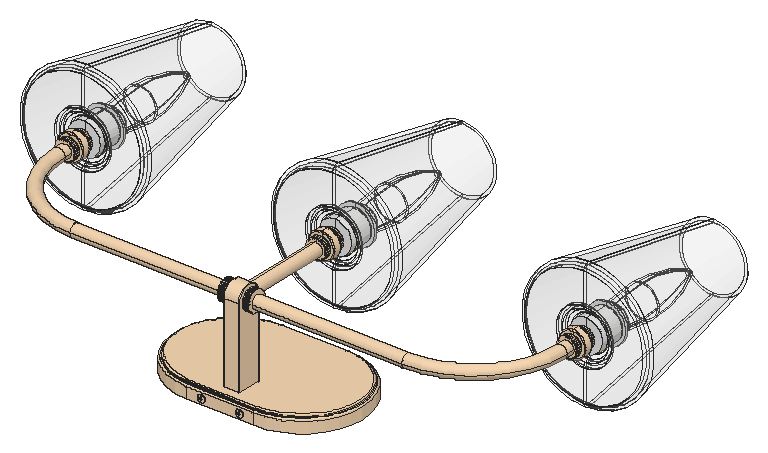
Revit family "Light_Fixture-Wall_Sconce-KOHLER-McGee-K-32257", category Lighting Fixtures, host Face, Revit 2021 (continued)
Definition of nested family "K-32257_Handle"
  Lines and regions (in)
    symbolic lines, detail levels medium+fine
      curve 530: arc (0, -7.97785, 3.54337) -> (0, -7.98346, 3.55944) -> (0, -7.98837, 3.57575) r 0.3937
      curve 531: line (0, -7.93646, 3.53532) -> (0, -7.97785, 3.54337)
      curve 532: line (0, -7.95817, 3.49918) -> (0, -7.93646, 3.53532)
      curve 533: arc (0, -7.30533, 3.43056) -> (0, -7.31645, 3.41767) -> (0, -7.32811, 3.40526) r 0.3937
      curve 534: line (0, -7.32811, 3.40526) -> (0, -7.3692, 3.41475)
      curve 535: line (0, -7.3692, 3.41475) -> (0, -7.36406, 3.3729)
      curve 536: arc (0, -7.36406, 3.3729) -> (0, -7.37762, 3.36259) -> (0, -7.3916, 3.35288) r 0.3937
      curve 537: line (0, -7.3916, 3.35288) -> (0, -7.42982, 3.3707)
      curve 538: line (0, -7.42982, 3.3707) -> (0, -7.43349, 3.3287)
      curve 539: arc (0, -7.43349, 3.3287) -> (0, -7.44889, 3.32144) -> (0, -7.4646, 3.31485) r 0.3937
      curve 540: line (0, -7.4646, 3.31485) -> (0, -7.49827, 3.34023)
      curve 541: line (0, -7.49827, 3.34023) -> (0, -7.5106, 3.2999)
      curve 542: arc (0, -7.5106, 3.2999) -> (0, -7.52717, 3.296) -> (0, -7.5439, 3.29283) r 0.3937
      curve 543: line (0, -7.5439, 3.29283) -> (0, -7.57156, 3.32465)
      curve 544: line (0, -7.57156, 3.32465) -> (0, -7.592, 3.28777)
      curve 545: arc (0, -7.592, 3.28777) -> (0, -7.60903, 3.2874) -> (0, -7.62605, 3.28777) r 0.3937
      curve 546: line (0, -7.62605, 3.28777) -> (0, -7.64649, 3.32465)
      curve 547: line (0, -7.64649, 3.32465) -> (0, -7.67415, 3.29283)
      curve 548: arc (0, -7.67415, 3.29283) -> (0, -7.69088, 3.296) -> (0, -7.70746, 3.2999) r 0.3937
      curve 549: line (0, -7.70746, 3.2999) -> (0, -7.71978, 3.34023)
      curve 550: line (0, -7.71978, 3.34023) -> (0, -7.75346, 3.31485)
      curve 551: arc (0, -7.75346, 3.31485) -> (0, -7.76916, 3.32144) -> (0, -7.78456, 3.3287) r 0.3937
      curve 552: line (0, -7.78456, 3.3287) -> (0, -7.78824, 3.3707)
      curve 553: line (0, -7.78824, 3.3707) -> (0, -7.82645, 3.35288)
      curve 554: arc (0, -7.82645, 3.35288) -> (0, -7.84044, 3.36259) -> (0, -7.85399, 3.3729) r 0.3937
      curve 555: line (0, -7.85399, 3.3729) -> (0, -7.84886, 3.41475)
      curve 556: line (0, -7.84886, 3.41475) -> (0, -7.88994, 3.40526)
      curve 557: arc (0, -7.88994, 3.40526) -> (0, -7.9016, 3.41767) -> (0, -7.91272, 3.43056) r 0.3937
      curve 558: line (0, -7.91272, 3.43056) -> (0, -7.89899, 3.47043)
      curve 559: line (0, -7.89899, 3.47043) -> (0, -7.94115, 3.46969)
      curve 560: arc (0, -7.94115, 3.46969) -> (0, -7.94998, 3.48425) -> (0, -7.95817, 3.49918) r 0.3937
      curve 561: line (0, 2.86582, 3.92944) -> (0, 2.86582, 3.4395)
      curve 562: arc (0, 3.15945, 0.21654) -> (0, 3.00197, 0.05906) -> (0, 2.84449, 0.21654) r 0.15748
      curve 563: arc (0, 2.86362, 0.21654) -> (0, 3.00197, 0.07819) -> (0, 3.14032, 0.21654) r 0.13835
      curve 564: arc (0, 3.14032, 0.21654) -> (0, 3.00197, 0.35489) -> (0, 2.86362, 0.21654) r 0.13835
      curve 565: arc (0, 2.84449, 0.21654) -> (0, 3.00197, 0.37402) -> (0, 3.15945, 0.21654) r 0.15748
      curve 566: line (0, 3.02279, 0.23551) -> (0, 3.02279, 0.29635)
      curve 567: line (0, 2.98012, 0.29635) -> (0, 2.98012, 0.23551)
      curve 568: line (0, 2.98012, 0.23551) -> (0, 2.92481, 0.23551)
      curve 569: line (0, 2.92481, 0.19679) -> (0, 2.98012, 0.19679)
      curve 570: line (0, 2.98012, 0.19679) -> (0, 2.98012, 0.13674)
      curve 571: line (0, 3.02279, 0.13674) -> (0, 3.02279, 0.19679)
      curve 572: line (0, 3.02279, 0.19679) -> (0, 3.08284, 0.19679)
      curve 573: line (0, 3.08284, 0.23551) -> (0, 3.02279, 0.23551)
      curve 574: line (0, 3.02279, 0.29635) -> (0, 2.98012, 0.29635)
      curve 575: line (0, 2.92481, 0.23551) -> (0, 2.92481, 0.19679)
      curve 576: line (0, 2.98012, 0.13674) -> (0, 3.02279, 0.13674)
      curve 577: line (0, 3.08284, 0.19679) -> (0, 3.08284, 0.23551)
      curve 578: arc (0, 1.34654, 0.21654) -> (0, 1.50402, 0.05906) -> (0, 1.6615, 0.21654) r 0.15748
      curve 579: arc (0, 1.64237, 0.21654) -> (0, 1.50402, 0.07819) -> (0, 1.36567, 0.21654) r 0.13835
      curve 580: arc (0, 1.36567, 0.21654) -> (0, 1.50402, 0.35489) -> (0, 1.64237, 0.21654) r 0.13835
      curve 581: arc (0, 1.6615, 0.21654) -> (0, 1.50402, 0.37402) -> (0, 1.34654, 0.21654) r 0.15748
      curve 582: line (0, 1.4832, 0.23551) -> (0, 1.4832, 0.29635)
      curve 583: line (0, 1.52587, 0.29635) -> (0, 1.52587, 0.23551)
      curve 584: line (0, 1.52587, 0.23551) -> (0, 1.58118, 0.23551)
      curve 585: line (0, 1.58118, 0.19679) -> (0, 1.52587, 0.19679)
      curve 586: line (0, 1.52587, 0.19679) -> (0, 1.52587, 0.13674)
      curve 587: line (0, 1.4832, 0.13674) -> (0, 1.4832, 0.19679)
      curve 588: line (0, 1.4832, 0.19679) -> (0, 1.42314, 0.19679)
      curve 589: line (0, 1.42314, 0.23551) -> (0, 1.4832, 0.23551)
      curve 590: line (0, 1.4832, 0.29635) -> (0, 1.52587, 0.29635)
      curve 591: line (0, 1.58118, 0.23551) -> (0, 1.58118, 0.19679)
      curve 592: line (0, 1.52587, 0.13674) -> (0, 1.4832, 0.13674)
      curve 593: line (0, 1.42314, 0.19679) -> (0, 1.42314, 0.23551)
      curve 594: line (3.93706, 1.90782, 0) -> (3.93706, 2.59758, 0)
      curve 595: line (4.25185, 1.90872, 0) -> (4.25147, 2.5974, 0)
      curve 596: line (4.33025, 1.90384, 0) -> (4.33025, 2.60214, 0)
      curve 597: line (3.85884, 2.60214, 0) -> (3.85884, 1.90384, 0)
      curve 598: line (3.67753, 1.86033, 0) -> (3.67753, 2.64699, 0)
      curve 599: line (3.67753, 1.88417, 0) -> (3.85884, 1.88417, 0)
      curve 600: line (3.67753, 1.90384, 0) -> (3.85884, 1.90384, 0)
      curve 601: line (3.67753, 1.92087, 0) -> (3.85884, 1.92087, 0)
      curve 602: line (3.67753, 1.9493, 0) -> (3.85884, 1.9493, 0)
      curve 603: line (3.67753, 1.97208, 0) -> (3.85884, 1.97208, 0)
      curve 604: line (3.67753, 2.00803, 0) -> (3.85884, 2.00803, 0)
      curve 605: line (3.67753, 2.03557, 0) -> (3.85884, 2.03557, 0)
      curve 606: line (3.67753, 2.07378, 0) -> (3.85884, 2.07378, 0)
      curve 607: line (3.67753, 2.10856, 0) -> (3.85884, 2.10856, 0)
      curve 608: line (3.67753, 2.14223, 0) -> (3.85884, 2.14223, 0)
      curve 609: line (3.67753, 2.15456, 0) -> (3.85884, 2.15456, 0)
      curve 610: line (3.67753, 2.18786, 0) -> (3.85884, 2.18786, 0)
      curve 611: line (3.67753, 2.21553, 0) -> (3.85884, 2.21553, 0)
      curve 612: line (3.67753, 2.23597, 0) -> (3.85884, 2.23597, 0)
      curve 613: line (3.67753, 2.27001, 0) -> (3.85884, 2.27001, 0)
      curve 614: line (3.67753, 2.29046, 0) -> (3.85884, 2.29046, 0)
      curve 615: line (3.67753, 2.31812, 0) -> (3.85884, 2.31812, 0)
      curve 616: line (3.67753, 2.35142, 0) -> (3.85884, 2.35142, 0)
      curve 617: line (3.67753, 2.36375, 0) -> (3.85884, 2.36375, 0)
      curve 618: line (3.67753, 2.39742, 0) -> (3.85884, 2.39742, 0)
      curve 619: line (3.67753, 2.42853, 0) -> (3.85884, 2.42853, 0)
      curve 620: line (3.67753, 2.47042, 0) -> (3.85884, 2.47042, 0)
      curve 621: line (3.67753, 2.49796, 0) -> (3.85884, 2.49796, 0)
      curve 622: line (3.67753, 2.5339, 0) -> (3.85884, 2.5339, 0)
      curve 623: line (3.67753, 2.55669, 0) -> (3.85884, 2.55669, 0)
      curve 624: line (3.67753, 2.58512, 0) -> (3.85884, 2.58512, 0)
      curve 625: line (3.67753, 2.60214, 0) -> (3.85884, 2.60214, 0)
      curve 626: line (3.67753, 2.62181, 0) -> (3.85884, 2.62181, 0)
      curve 627: line (4.51179, 1.99262, 0) -> (4.51179, 2.51336, 0)
      curve 628: line (4.51179, 1.88417, 0) -> (4.33047, 1.88417, 0)
      curve 629: line (4.51179, 1.90384, 0) -> (4.33025, 1.90384, 0)
      curve 630: line (4.51179, 1.92087, 0) -> (4.33025, 1.92087, 0)
      curve 631: line (4.51179, 1.9493, 0) -> (4.33025, 1.9493, 0)
      curve 632: line (4.51179, 1.97208, 0) -> (4.33025, 1.97208, 0)
      curve 633: line (4.51179, 2.00803, 0) -> (4.33025, 2.00803, 0)
      curve 634: line (4.51179, 2.03557, 0) -> (4.33025, 2.03557, 0)
      curve 635: line (4.51179, 2.07378, 0) -> (4.33025, 2.07378, 0)
      curve 636: line (4.51179, 2.10856, 0) -> (4.33025, 2.10856, 0)
      curve 637: line (4.51179, 2.14223, 0) -> (4.33025, 2.14223, 0)
      curve 638: line (4.51179, 2.15456, 0) -> (4.33025, 2.15456, 0)
      curve 639: line (4.51179, 2.18786, 0) -> (4.33025, 2.18786, 0)
      curve 640: line (4.51179, 2.21553, 0) -> (4.33025, 2.21553, 0)
      curve 641: line (4.51179, 2.23597, 0) -> (4.33025, 2.23597, 0)
      curve 642: line (4.51179, 2.27001, 0) -> (4.33025, 2.27001, 0)
      curve 643: line (4.51179, 2.29046, 0) -> (4.33025, 2.29046, 0)
      curve 644: line (4.51179, 2.31812, 0) -> (4.33025, 2.31812, 0)
      curve 645: line (4.51179, 2.35142, 0) -> (4.33025, 2.35142, 0)
      curve 646: line (4.51179, 2.36375, 0) -> (4.33025, 2.36375, 0)
      curve 647: line (4.51179, 2.39742, 0) -> (4.33025, 2.39742, 0)
      curve 648: line (4.51179, 2.42853, 0) -> (4.33025, 2.42853, 0)
      curve 649: line (4.51179, 2.47042, 0) -> (4.33025, 2.47042, 0)
      curve 650: line (4.51179, 2.49796, 0) -> (4.33025, 2.49796, 0)
      curve 651: line (4.51179, 2.5339, 0) -> (4.33025, 2.5339, 0)
      curve 652: line (4.51179, 2.55669, 0) -> (4.33025, 2.55669, 0)
      curve 653: line (4.51179, 2.58512, 0) -> (4.33025, 2.58512, 0)
      curve 654: line (4.51179, 2.60214, 0) -> (4.33025, 2.60214, 0)
      curve 655: line (4.51179, 2.62181, 0) -> (4.33047, 2.62181, 0)
      curve 656: line (3.67753, 2.51336, 0) -> (0.49213, 2.51336, 0)
      curve 657: line (3.67753, 1.99262, 0) -> (0.49213, 1.99262, 0)
      curve 658: line (3.75984, 2.64699, 0) -> (3.67753, 2.64699, 0)
      curve 659: line (3.75984, 1.86033, 0) -> (3.67753, 1.86033, 0)
      curve 660: line (3.56299, 2.51336, 0) -> (3.56299, 3.56186, 0)
  Dimensions and locks (in)
    aligned and locked: plane 2 to level
Definition of nested family "K-32257"
  Parameters
    Material = none
    Default Elevation = 0"
  Reference planes (in)
    plane 1 "Center (Front/Back)": y = 0
    plane 2: z = 0
    plane 3 "Center (Left/Right)": x = 0
    plane 4: x = -2.55512
    plane 5: y = 7.201
    plane 6: x = 2.55512
    plane 7: y = 0.82305
    plane 8: z = 2.55512
    plane 9: z = -2.55512
    plane 10: z = 0
    plane 11: y = 0
    plane 12: y = 5.16866
  Forms (in)
    Revolve 1, solid
      sketch origin (0, 0, 0) x (0, 1, 0) y (0, 0, 1)
        loop
          line (1.10053, 0) -> (1.10053, 0.43888) -> (2.32189, 0.43888) -> (2.32189, 0.52413)
          arc (2.32189, 0.52413) -> (2.31228, 0.54823) -> (2.28871, 0.5591) r 0.03502
          line (2.28871, 0.5591) -> (1.98349, 0.57509) -> (1.98349, 0.77194) -> (1.92713, 0.77194) -> (1.92713, 0.5919)
          arc (1.92713, 0.5919) -> (1.91685, 0.62169) -> (1.88798, 0.63434) r 0.03927
          line (1.88798, 0.63434) -> (0.94481, 0.63434) -> (0.94481, 0) -> (1.10053, 0)
        axis (2.32189, 0) -> (0.94481, 0)
      angle from 0 to 360
    Revolve 2, solid, detail levels medium+fine
      sketch origin (0, 0, 0) x (0, 1, 0) y (0, 0, 1)
        loop
          line (7.201, 1.23343) -> (7.201, 1.35378) -> (1.09184, 2.54977)
          arc (1.09184, 2.54977) -> (0.90522, 2.50257) -> (0.82305, 2.32849) r 0.22548
          line (0.82305, 2.32849) -> (0.82305, 1.08296)
          arc (0.82305, 1.08296) -> (0.84529, 0.99207) -> (0.90699, 0.92171) r 0.19685
          line (0.90699, 0.92171) -> (1.03589, 0.83146)
          arc (1.03589, 0.83146) -> (1.0834, 0.77728) -> (1.10053, 0.70729) r 0.15158
          line (1.10053, 0.70729) -> (1.10053, 0) -> (1.21864, 0) -> (1.21864, 0.69768)
          arc (1.21864, 0.69768) -> (1.18608, 0.83073) -> (1.09576, 0.93372) r 0.28815
          line (1.09576, 0.93372) -> (0.98563, 1.01083)
          arc (0.98563, 1.01083) -> (0.95294, 1.04811) -> (0.94116, 1.09627) r 0.1043
          line (0.94116, 1.09627) -> (0.94116, 2.36396)
          arc (0.94116, 2.36396) -> (0.96964, 2.42431) -> (1.03434, 2.44067) r 0.07817
          line (1.03434, 2.44067) -> (7.201, 1.23343)
        axis (7.201, 0) -> (0.82305, 0)
      angle from 0 to 360
    Revolve 3, solid
      sketch origin (0, 0, 0) x (0, 1, 0) y (0, 0, 1)
        loop
          arc (3.6885, 0.67069) -> (2.6213, 0.5596) -> (1.59984, 0.23112) r 5.18211
          line (1.59984, 0.23112) -> (1.59984, 0) -> (1.64457, 0) -> (1.64457, 0.18624)
          arc (1.64457, 0.18624) -> (2.64464, 0.50415) -> (3.6885, 0.61163) r 5.12305
          arc (3.6885, 0.61163) -> (4.83861, 0.48087) -> (5.93, 0.09525) r 5.12305
          arc (5.93, 0.09525) -> (5.97345, 0.05617) -> (5.98957, 0) r 0.10592
          line (5.98957, 0) -> (6.06422, 0)
          arc (6.06422, 0) -> (6.04118, 0.08068) -> (5.979, 0.13701) r 0.15274
          arc (5.979, 0.13701) -> (4.86443, 0.5355) -> (3.6885, 0.67069) r 5.18211
        axis (6.06422, 0) -> (1.59984, 0)
      angle from 0 to 360
    Revolve 4, solid, detail levels coarse
      sketch origin (0, 0, 0) x (0, 1, 0) y (0, 0, 1)
        loop
          line (7.201, 1.23343) -> (7.201, 1.35378) -> (0.82305, 2.60239) -> (0.82305, 0) -> (0.94116, 0) -> (0.94116, 2.45891) -> (7.201, 1.23343)
        axis (7.201, 0) -> (0.82305, 0)
      angle from 0 to 360
    Revolve 5, solid, material <- "Material"
      sketch origin (0, 0, 0) x (0, 1, 0) y (0, 0, 1)
        loop
          line (0.82281, 0) -> (0.94481, 0) -> (0.94481, 0.24622) -> (0.82281, 0.24622) -> (0.82281, 0)
        axis (0.94481, 0) -> (0.82281, 0)
      angle from 0 to 360
  Lines and regions (in)
    Masking region 1
      outline origin (0, 0, 0) x (1, 0, 0) y (0, 1, 0)
        loop
          line (0, 7.201) -> (-1.35378, 7.201) -> (-2.54977, 1.09184)
          arc (-2.54977, 1.09184) -> (-2.50257, 0.90522) -> (-2.32849, 0.82305) r 0.22548
          line (-2.32849, 0.82305) -> (0, 0.82305) -> (2.32849, 0.82305)
          arc (2.32849, 0.82305) -> (2.50257, 0.90522) -> (2.54977, 1.09184) r 0.22548
          line (2.54977, 1.09184) -> (1.35378, 7.201) -> (0, 7.201)
    Masking region 2
      outline origin (0, 0, 0) x (0, 1, 0) y (0, 0, 1)
        loop
          line (7.201, 0) -> (7.201, 1.35378) -> (1.09184, 2.54977)
          arc (1.09184, 2.54977) -> (0.90522, 2.50257) -> (0.82305, 2.32849) r 0.22548
          line (0.82305, 2.32849) -> (0.82305, 0) -> (0.82305, -2.32849)
          arc (0.82305, -2.32849) -> (0.90522, -2.50257) -> (1.09184, -2.54977) r 0.22548
          line (1.09184, -2.54977) -> (7.201, -1.35378) -> (7.201, 0)
    Masking region 3
      outline origin (0, 0, 0) x (1, 0, 0) y (0, 0, 1)
        loop
          circle (0, 0) r 2.55512
    symbolic lines, detail levels medium+fine
      curve 1: line (-2.54977, 1.09184, 0) -> (2.54977, 1.09184, 0)
      curve 2: line (0, 1.09184, 2.54977) -> (0, 1.09184, -2.54977)
      curve 3: arc (0, 0, -1.35378) -> (1.35378, 0, 0) -> (0, 0, 1.35378) r 1.35378
      curve 4: arc (0, 0, 1.35378) -> (-1.35378, 0, 0) -> (0, 0, -1.35378) r 1.35378
      curve 5: circle (0, 0, 0) r 1.2333 normal (0, -1, 0)
      curve 6: circle (0, 0, 0) r 0.1378 normal (0, -1, 0)
      curve 7: circle (0, 0, 0) r 0.19685 normal (0, -1, 0)
      curve 8: circle (0, 0, 0) r 0.6582 normal (0, 1, 0)
      curve 9: circle (0, 0, 0) r 0.63434 normal (0, 1, 0)
      curve 10: circle (0, 0, 0) r 0.77194 normal (0, -1, 0)
  Dimensions and locks (in)
    aligned and locked: plane 2 to level
Definition of nested family "Light_Source"
  Parameters (values of type "Light_Source")
    Wattage = 130 W
    built-in parameter 1150110 = 1 (stored number, unit not read)
    built-in parameter 1114217 = 1 (stored number, unit not read)
    built-in parameter 1150109 = 1 (stored number, unit not read)
    built-in parameter 1150134 = (empty or 0)
    built-in parameter 1150113 = 1 (stored number, unit not read)
    built-in parameter 1150105 = 103.45 (stored number, unit not read)
    Lumens = 1300 lm
    built-in parameter 1150115 = 1 (stored number, unit not read)
    Light Source Symbol Size = 12"
    built-in parameter 1150137 = (empty or 0)
    built-in parameter 1150139 = (empty or 0)
    built-in parameter 1150112 = 1 (stored number, unit not read)
    built-in parameter 1150114 = 1 (stored number, unit not read)
    built-in parameter 1150132 = 2
    built-in parameter 1150102 = (empty or 0)
    built-in parameter 1150107 = 3000 (stored number, unit not read)
    built-in parameter 1150138 = (empty or 0)
    built-in parameter 1150106 = 1.0345 (stored number, unit not read)
    Emit from Line Length = 24"
    built-in parameter 1150104 = 0.92903 (stored number, unit not read)
    Dimming Lamp Color Temperature Shift = 1
    Default Elevation = 48"
    Color Filter = 16719360
    built-in parameter 1114218 = 1 (stored number, unit not read)
    built-in parameter 1150133 = 10 (stored number, unit not read)
  Reference planes (in)
    plane 1 "Center (Front/Back)": y = 0
    plane 2: z = 0
    plane 3 "Center (Left/Right)": x = 0
    plane 4: x = 0
    plane 5: y = 0
    plane 6: y = 12
    plane 7: z = 0
  Dimensions and locks (in)
    aligned and locked: plane 2 to level
Types (6): name | Type | Model | Finish
  (no name) | 4 | "K-32257-SC03-2GL" | KOHLER-Metal-2GL-Brushed_Modern_Brass
  CPL-Polished Chrome | 1 | "K-32257-SC03-CPL" | KOHLER-Metal-CPL-Polished_Chrome
  BNL-Brushed Nickel | 2 | "K-32257-SC03-BNL" | KOHLER-Metal-BNL-Brushed_Nickel
  BLL-Matte Black | 3 | "K-32257-SC03-BLL" | KOHLER-Metal-BLL-Matte_Black
  2GL-Brushed Modern Brass | 4 | "K-32257-SC03-2GL" | KOHLER-Metal-2GL-Brushed_Modern_Brass
  SNL-Polished Nickel | 5 | "K-32257-SC03-SNL" | KOHLER-Metal-SNL-Polished_Nickel
